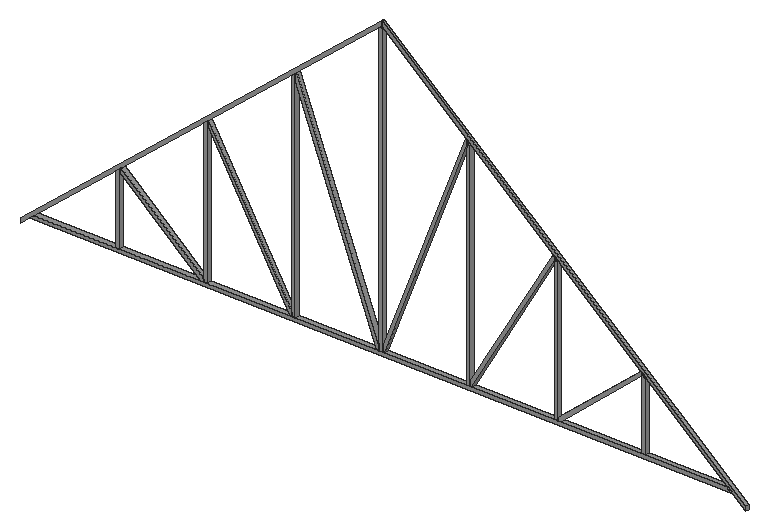
Revit family "TripleHoweTruss", category Structural Framing, Revit 2022
Family settings
  Section Shape = Not Defined
  Material for Model Behavior = Wood
  Always export as geometry = No
  OmniClass Number = 23.25.30.21.14
  OmniClass Title = Trussed Beams and Joists
  Work Plane-Based = No
  Always vertical = Yes
  Cut with Voids When Loaded = No
  Symbolic Representation = From Family
  Shared = No
  Show family pre-cut in plan views = Yes
Parameters
  WebWidth [instance] = 120 mm
  WebDepth [instance] = 100 mm
  T_Volume [instance] = 0.00 m³
  TopWidth [instance] = 80 mm
  Structural Material [instance] = Poche
  SpanRight [instance] = 10000 mm
  SpanLeft [instance] = 10000 mm
  Span [instance] = SpanLeft + SpanRight  # 20000 mm
  SlopeRight [instance] = 40.00°
  SlopeLeft [instance] = 40.00°
  OverhangRight [instance] = 300 mm
  OverhangLeft [instance] = 400 mm
  TopDepth [instance] = 100 mm
  BottomWidth [instance] = 150 mm
  BottomDepth [instance] = 100 mm
Reference planes
  plane 1 "Center (Front/Back)": y = 0
  plane 2: z = 0
  plane 3 "Center (Left/Right)": x = 0
  plane 4: x = -10000
  plane 5: x = 10000
  plane 6: x = 10400
  plane 7: x = -10300
  plane 8: z = 100
  plane 9: x = 50
  plane 10: x = -50
  plane 11: x = 2500
  plane 12: x = 7500
  plane 13: x = 5000
  plane 14: x = -2500
  plane 15: x = -7500
  plane 16: x = -5000
  plane 17: x = 2450
  plane 18: x = 2550
  plane 19: x = 4950
  plane 20: x = 5050
  plane 21: x = 7450
  plane 22: x = 7550
  plane 23: x = -2550
  plane 24: x = -2450
  plane 25: x = -5050
  plane 26: x = -4950
  plane 27: x = -7550
  plane 28: x = -7450
Forms (mm)
  Extrusion 1, solid, material "Cherry"
    sketch origin (0, 0, 0) x (1, 0, 0) y (0, 0, 1)
      loop
        line (-7550, 2055.794) -> (-7550, 100) -> (-7450, 100) -> (-7450, 2139.704) -> (-7550, 2055.794)
    from -60 to 60
  Extrusion 2, solid, material "Cherry"
    sketch origin (0, 0, 0) x (1, 0, 0) y (0, 0, 1)
      loop
        line (-4950, 4237.453) -> (-5050, 4153.543) -> (-5050, 100) -> (-4950, 100) -> (-4950, 4237.453)
    from -60 to 60
  Extrusion 3, solid, material "Cherry"
    sketch origin (0, 0, 0) x (1, 0, 0) y (0, 0, 1)
      loop
        line (-2450, 6335.202) -> (-2550, 6251.292) -> (-2550, 100) -> (-2450, 100) -> (-2450, 6335.202)
    from -60 to 60
  Extrusion 4, solid, material "Cherry"
    sketch origin (0, 0, 0) x (1, 0, 0) y (0, 0, 1)
      loop
        line (50, 100) -> (50, 8349.041) -> (0, 8390.996) -> (-50, 8349.041) -> (-50, 100) -> (50, 100)
    from -60 to 60
  Extrusion 5, solid, material "Cherry"
    sketch origin (0, 0, 0) x (1, 0, 0) y (0, 0, 1)
      loop
        line (2550, 6251.292) -> (2450, 6335.202) -> (2450, 100) -> (2550, 100) -> (2550, 6251.292)
    from -60 to 60
  Extrusion 6, solid, material "Cherry"
    sketch origin (0, 0, 0) x (1, 0, 0) y (0, 0, 1)
      loop
        line (5050, 4153.543) -> (4950, 4237.453) -> (4950, 100) -> (5050, 100) -> (5050, 4153.543)
    from -60 to 60
  Extrusion 7, solid, material "Cherry"
    sketch origin (0, 0, 0) x (1, 0, 0) y (0, 0, 1)
      loop
        line (7550, 2055.794) -> (7450, 2139.704) -> (7450, 100) -> (7550, 100) -> (7550, 2055.794)
    from -60 to 60
  Extrusion 8, solid, material "Cherry"
    sketch origin (0, 0, 0) x (1, 0, 0) y (0, 0, 1)
      loop
        line (5127.209, 100) -> (7450, 2074.086) -> (7450, 2139.704) -> (7411.149, 2172.304) -> (5050, 165.618) -> (5050, 100) -> (5127.209, 100)
    from -60 to 60
  Extrusion 9, solid, material "Cherry"
    sketch origin (0, 0, 0) x (1, 0, 0) y (0, 0, 1)
      loop
        line (-5050, 165.618) -> (-7411.149, 2172.304) -> (-7450, 2139.704) -> (-7450, 2074.086) -> (-5127.209, 100) -> (-5050, 100) -> (-5050, 165.618)
    from -60 to 60
  Extrusion 10, solid, material "Cherry"
    sketch origin (0, 0, 0) x (1, 0, 0) y (0, 0, 1)
      loop
        line (5127.209, 100) -> (7450, 2074.086) -> (7450, 2139.704) -> (7411.149, 2172.304) -> (5050, 165.618) -> (5050, 100) -> (5127.209, 100)
    from -60 to 60
  Extrusion 11, solid, material "Cherry"
    sketch origin (0, 0, 0) x (1, 0, 0) y (0, 0, 1)
      loop
        line (2607.803, 100) -> (4950, 4137.804) -> (4950, 4237.453) -> (4911.121, 4270.077) -> (2550, 199.649) -> (2550, 100) -> (2607.803, 100)
    from -60 to 60
  Extrusion 12, solid, material "Cherry"
    sketch origin (0, 0, 0) x (1, 0, 0) y (0, 0, 1)
      loop
        line (103.576, 100) -> (2450, 6196.012) -> (2450, 6335.202) -> (2409.503, 6369.183) -> (50, 239.191) -> (50, 100) -> (103.576, 100)
    from -60 to 60
  Extrusion 13, solid, material "Cherry"
    sketch origin (0, 0, 0) x (1, 0, 0) y (0, 0, 1)
      loop
        line (-50, 239.191) -> (-2409.503, 6369.183) -> (-2450, 6335.202) -> (-2450, 6196.012) -> (-103.576, 100) -> (-50, 100) -> (-50, 239.191)
    from -60 to 60
  Extrusion 14, solid, material "Cherry"
    sketch origin (0, 0, 0) x (1, 0, 0) y (0, 0, 1)
      loop
        line (-2550, 199.649) -> (-4911.121, 4270.077) -> (-4950, 4237.453) -> (-4950, 4137.804) -> (-2607.803, 100) -> (-2550, 100) -> (-2550, 199.649)
    from -60 to 60
  Extrusion 15, solid, material "Cherry"
    sketch origin (0, 0, 0) x (1, 0, 0) y (0, 0, 1)
      loop
        line (9880.825, 100) -> (-9880.825, 100) -> (-10000, 0) -> (10000, 0) -> (9880.825, 100)
    from -75 to 75
  Extrusion 16, solid, material "Cherry"
    sketch origin (0, 0, 0) x (1, 0, 0) y (0, 0, 1)
      loop
        line (-10300, -251.73) -> (0, 8390.996) -> (0, 8521.537) -> (-10300, -121.189) -> (-10300, -251.73)
    from -40 to 40
  Extrusion 17, solid, material "Cherry"
    sketch origin (0, 0, 0) x (1, 0, 0) y (0, 0, 1)
      loop
        line (10400, -335.64) -> (10400, -205.099) -> (0, 8521.537) -> (0, 8390.996) -> (10400, -335.64)
    from -40 to 40
Lines and regions (mm)
  reference lines
    curve 1: line (10000, 0, 0) -> (0, 0, 8390.996)
    curve 2: line (-10000, 0, 0) -> (0, 0, 8390.996)
    curve 3: line (10001.738, 0, 129.083) -> (-8.024, 0, 8528.27)
    curve 4: line (-9999.444, 0, 131.007) -> (-84.65, 0, 8450.507)
    curve 5: line (0, 40, 1939.254) -> (0, 40, -520.746)
    curve 6: line (0, -40, 1939.254) -> (0, -40, -520.746)
    curve 7: line (0, -60, 1939.254) -> (0, -60, -520.746)
    curve 8: line (0, -75, 1939.254) -> (0, -75, -520.746)
    curve 9: line (0, 60, 1939.254) -> (0, 60, -520.746)
    curve 10: line (0, 75, 1939.254) -> (0, 75, -520.746)
    curve 11: line (50, 0, 100) -> (2450, 0, 6335.202)
    curve 12: line (2550, 0, 100) -> (4950, 0, 4237.453)
    curve 13: line (5050, 0, 100) -> (7450, 0, 2139.704)
    curve 14: line (-50, 0, 100) -> (-2450, 0, 6335.202)
    curve 15: line (-2550, 0, 100) -> (-4950, 0, 4237.453)
    curve 16: line (-5050, 0, 100) -> (-7450, 0, 2139.704)
    curve 17: line (-5079.289, 0, 190.51) -> (-7379.289, 0, 2145.227)
    curve 18: line (-4952.282, 0, -48.667) -> (-7420.711, 0, 2049.194)
    curve 19: line (-2559.693, 0, 216.359) -> (-4859.693, 0, 4181.418)
    curve 20: line (-2553.553, 0, 6.476) -> (-4940.307, 0, 4121.094)
    curve 21: line (-54.683, 0, 251.358) -> (-2354.683, 0, 6226.76)
    curve 22: line (-63.942, 0, -2.971) -> (-2445.317, 0, 6183.844)
    curve 23: line (54.683, 0, 251.358) -> (2354.683, 0, 6226.76)
    curve 24: line (63.942, 0, -2.971) -> (2445.317, 0, 6183.844)
    curve 25: line (2559.693, 0, 216.359) -> (4859.693, 0, 4181.418)
    curve 26: line (2553.553, 0, 6.476) -> (4940.307, 0, 4121.094)
    curve 27: line (5077.463, 0, 188.958) -> (7377.463, 0, 2143.675)
    curve 28: line (4952.282, 0, -48.667) -> (7420.711, 0, 2049.194)
Dimensions and locks
  "SpanLeft": plane 3 "Center (Left/Right)" to plane 5
  "SpanRight": plane 3 "Center (Left/Right)" to plane 4
  "OverhangLeft": plane 5 to plane 6
  "OverhangRight": plane 7 to plane 4
  "BottomDepth": level to plane 8
  equal spacing: plane 10, plane 3 "Center (Left/Right)", plane 9
  "TopDepth": curve 1 to curve 3
  "TopDepth": curve 4 to curve 2
  equal spacing: curve 5, curve 4, curve 6
  "TopWidth": curve 5 to curve 6
  equal spacing: curve 9, curve 4, curve 7
  "WebWidth": curve 9 to curve 7
  equal spacing: curve 10, curve 4, curve 8
  "BottomWidth": curve 10 to curve 8
  plane 5 to plane 3 "Center (Left/Right)" = 10000 mm
  plane 4 to plane 3 "Center (Left/Right)" = 10000 mm
  equal spacing: plane 5, plane 12, plane 13, plane 11, plane 3 "Center (Left/Right)"
  equal spacing: plane 3 "Center (Left/Right)", plane 14, plane 16, plane 15, plane 4
  equal spacing: plane 28, plane 15, plane 27
  equal spacing: plane 26, plane 16, plane 25
  equal spacing: plane 24, plane 14, plane 23
  equal spacing: plane 9, plane 3 "Center (Left/Right)", plane 10
  equal spacing: plane 18, plane 11, plane 17
  equal spacing: plane 20, plane 13, plane 19
  equal spacing: plane 22, plane 12, plane 21
  "WebDepth": plane 28 to plane 27
  "WebDepth": plane 26 to plane 25
  "WebDepth": plane 24 to plane 23
  "WebDepth": plane 9 to plane 10
  "WebDepth": plane 18 to plane 17
  "WebDepth": plane 20 to plane 19
  "WebDepth": plane 22 to plane 21
  equal spacing: curve 17, curve 16, curve 18
  equal spacing: curve 19, curve 15, curve 20
  equal spacing: curve 21, curve 14, curve 22
  equal spacing: curve 24, curve 11, curve 23
  equal spacing: curve 26, curve 12, curve 25
  equal spacing: curve 28, curve 13, curve 27
  "WebDepth": curve 17 to curve 18
  "WebDepth": curve 19 to curve 20
  "WebDepth": curve 21 to curve 22
  "WebDepth": curve 24 to curve 23
  "WebDepth": curve 26 to curve 25
  "WebDepth": curve 28 to curve 27
  "SlopeLeft": angle level to curve 1
  "SlopeRight": angle curve 2 to level
  aligned and locked: plane 2 to level
  aligned and locked: plane 3 "Center (Left/Right)" to curve 1
  aligned and locked: plane 5 to curve 1
  aligned and locked: curve 1 to level
  aligned and locked: level to curve 2
  aligned and locked: curve 2 to Extrusion 1 sketch curve
  aligned and locked: plane 28 to Extrusion 1 sketch curve
  aligned and locked: Extrusion 1 sketch curve to plane 27
  aligned and locked: Extrusion 1 sketch curve to plane 8
  aligned and locked: plane 26 to Extrusion 2 sketch curve
  aligned and locked: Extrusion 2 sketch curve to plane 25
  aligned and locked: curve 2 to Extrusion 2 sketch curve
  aligned and locked: Extrusion 2 sketch curve to plane 8
  aligned and locked: Extrusion 3 sketch curve to plane 24
  aligned and locked: Extrusion 3 sketch curve to plane 23
  aligned and locked: curve 2 to Extrusion 3 sketch curve
  aligned and locked: Extrusion 3 sketch curve to plane 8
  aligned and locked: Extrusion 4 sketch curve to plane 9
  aligned and locked: plane 10 to Extrusion 4 sketch curve
  aligned and locked: curve 1 to Extrusion 4 sketch curve
  aligned and locked: curve 2 to Extrusion 4 sketch curve
  aligned and locked: Extrusion 4 sketch curve to plane 8
  aligned and locked: Extrusion 5 sketch curve to plane 18
  aligned and locked: Extrusion 5 sketch curve to plane 17
  aligned and locked: curve 1 to Extrusion 5 sketch curve
  aligned and locked: Extrusion 5 sketch curve to plane 8
  aligned and locked: plane 20 to Extrusion 6 sketch curve
  aligned and locked: Extrusion 6 sketch curve to plane 19
  aligned and locked: curve 1 to Extrusion 6 sketch curve
  aligned and locked: plane 22 to Extrusion 7 sketch curve
  aligned and locked: Extrusion 7 sketch curve to plane 21
  aligned and locked: plane 8 to Extrusion 7 sketch curve
  aligned and locked: curve 1 to Extrusion 7 sketch curve
  aligned and locked: curve 28 to Extrusion 8 sketch curve
  aligned and locked: Extrusion 8 sketch curve to curve 27
  aligned and locked: Extrusion 8 sketch curve to Extrusion 7
  aligned and locked: curve 1 to Extrusion 8 sketch curve
  aligned and locked: Extrusion 8 sketch curve to Extrusion 6
  aligned and locked: Extrusion 8 sketch curve to plane 8
  aligned and locked: Extrusion 9 sketch curve to curve 17
  aligned and locked: curve 18 to Extrusion 9 sketch curve
  aligned and locked: curve 2 to Extrusion 9 sketch curve
  aligned and locked: Extrusion 1 to Extrusion 9 sketch curve
  aligned and locked: Extrusion 2 to Extrusion 9 sketch curve
  aligned and locked: Extrusion 9 sketch curve to plane 8
  aligned and locked: Extrusion 10 sketch curve to Extrusion 8  (x2)
  aligned and locked: curve 1 to Extrusion 10 sketch curve
  aligned and locked: Extrusion 10 sketch curve to plane 8
  aligned and locked: Extrusion 10 sketch curve to Extrusion 6
  aligned and locked: Extrusion 10 sketch curve to Extrusion 7
  aligned and locked: curve 26 to Extrusion 11 sketch curve
  aligned and locked: Extrusion 11 sketch curve to Extrusion 6
  aligned and locked: Extrusion 11 sketch curve to curve 25
  aligned and locked: Extrusion 11 sketch curve to plane 8
  aligned and locked: Extrusion 11 sketch curve to Extrusion 5
  aligned and locked: curve 1 to Extrusion 11 sketch curve
  aligned and locked: curve 24 to Extrusion 12 sketch curve
  aligned and locked: Extrusion 12 sketch curve to curve 23
  aligned and locked: Extrusion 12 sketch curve to Extrusion 5
  aligned and locked: curve 1 to Extrusion 12 sketch curve
  aligned and locked: Extrusion 12 sketch curve to Extrusion 4
  aligned and locked: Extrusion 12 sketch curve to plane 8
  aligned and locked: Extrusion 13 sketch curve to curve 21
  aligned and locked: curve 22 to Extrusion 13 sketch curve
  aligned and locked: curve 2 to Extrusion 13 sketch curve
  aligned and locked: Extrusion 4 to Extrusion 13 sketch curve
  aligned and locked: Extrusion 13 sketch curve to plane 8
  aligned and locked: Extrusion 3 to Extrusion 13 sketch curve
  aligned and locked: Extrusion 14 sketch curve to curve 19
  aligned and locked: curve 20 to Extrusion 14 sketch curve
  aligned and locked: curve 2 to Extrusion 14 sketch curve
  aligned and locked: Extrusion 2 to Extrusion 14 sketch curve
  aligned and locked: Extrusion 14 sketch curve to plane 8
  aligned and locked: Extrusion 3 to Extrusion 14 sketch curve
  aligned and locked: Extrusion 3 to curve 9
  aligned and locked: Extrusion 3 to curve 7
  aligned and locked: Extrusion 2 to curve 9
  aligned and locked: Extrusion 2 to curve 7
  aligned and locked: Extrusion 1 to curve 9
  aligned and locked: Extrusion 1 to curve 7
  aligned and locked: Extrusion 9 to curve 9
  aligned and locked: Extrusion 9 to curve 7
  aligned and locked: Extrusion 14 to curve 9
  aligned and locked: Extrusion 14 to curve 7
  aligned and locked: Extrusion 10 to curve 9
  aligned and locked: Extrusion 10 to curve 7
  aligned and locked: Extrusion 13 to curve 9
  aligned and locked: Extrusion 13 to curve 7
  aligned and locked: Extrusion 8 to curve 9
  aligned and locked: Extrusion 8 to curve 7
  aligned and locked: Extrusion 4 to curve 9
  aligned and locked: Extrusion 4 to curve 7
  aligned and locked: Extrusion 12 to curve 9
  aligned and locked: Extrusion 12 to curve 7
  aligned and locked: Extrusion 5 to curve 9
  aligned and locked: Extrusion 5 to curve 7
  aligned and locked: Extrusion 11 to curve 9
  aligned and locked: Extrusion 11 to curve 7
  aligned and locked: Extrusion 7 to curve 9
  aligned and locked: Extrusion 7 to curve 7
  aligned and locked: Extrusion 6 to curve 9
  aligned and locked: Extrusion 6 to curve 7
  aligned and locked: Extrusion 15 sketch curve to plane 8
  aligned and locked: Extrusion 15 sketch curve to level
  aligned and locked: Extrusion 15 sketch curve to curve 2
  aligned and locked: Extrusion 15 sketch curve to curve 1
  aligned and locked: curve 10 to Extrusion 15
  aligned and locked: Extrusion 15 to curve 8
  aligned and locked: Extrusion 16 sketch curve to curve 2
  aligned and locked: Extrusion 16 sketch curve to curve 4
  aligned and locked: Extrusion 16 sketch curve to plane 7
  aligned and locked: Extrusion 16 sketch curve to curve 10
  aligned and locked: Extrusion 17 sketch curve to curve 1
  aligned and locked: Extrusion 17 sketch curve to curve 3
  aligned and locked: plane 6 to Extrusion 17 sketch curve
  aligned and locked: Extrusion 17 sketch curve to curve 10
  aligned and locked: Extrusion 16 to curve 5
  aligned and locked: Extrusion 16 to curve 6
  aligned and locked: Extrusion 17 to Extrusion 16  (x2)
Automatic sketch dimensions
  Extrusion 6 sketch curve to plane 8 = 0 mm
  curve 16 to plane 28 = 0 mm
  curve 16 to plane 8 = 0 mm
  curve 16 to plane 25 = 0 mm
  curve 15 to plane 26 = 0 mm
  curve 15 to plane 8 = 0 mm
  curve 15 to plane 23 = 0 mm
  curve 14 to plane 24 = 0 mm
  curve 14 to plane 8 = 0 mm
  curve 14 to plane 10 = 0 mm
  curve 11 to plane 8 = 0 mm
  plane 9 to curve 11 = 0 mm
  curve 11 to plane 17 = 0 mm
  curve 12 to plane 8 = 0 mm
  plane 18 to curve 12 = 0 mm
  curve 12 to plane 19 = 0 mm
  curve 13 to plane 8 = 0 mm
  plane 20 to curve 13 = 0 mm
  curve 13 to plane 21 = 0 mm
  curve 4 to plane 4 = 0.556 mm
  curve 18 to plane 28 = 29.289 mm
  curve 17 to plane 28 = 70.711 mm
  curve 17 to plane 25 = 29.289 mm
  plane 26 to curve 18 = 2.282 mm
  curve 20 to plane 26 = 9.693 mm
  curve 19 to plane 26 = 90.307 mm
  curve 19 to plane 23 = 9.693 mm
  curve 20 to plane 23 = 3.553 mm
  curve 22 to plane 24 = 4.683 mm
  curve 21 to plane 24 = 95.317 mm
  curve 22 to level = 2.971 mm
  curve 4 to plane 10 = 34.65 mm
  curve 21 to plane 10 = 4.683 mm
  curve 3 to plane 3 "Center (Left/Right)" = 8.024 mm
  curve 23 to plane 9 = 4.683 mm
  curve 24 to level = 2.971 mm
  curve 23 to plane 17 = 95.317 mm
  curve 24 to plane 17 = 4.683 mm
  curve 26 to plane 18 = 3.553 mm
  curve 25 to plane 18 = 9.693 mm
  curve 25 to plane 19 = 90.307 mm
  curve 26 to plane 19 = 9.693 mm
  plane 19 to curve 28 = 2.282 mm
  curve 27 to plane 20 = 27.463 mm
  curve 27 to plane 21 = 72.537 mm
  curve 28 to plane 21 = 29.289 mm
  curve 3 to plane 5 = 1.738 mm
  curve 10 to level = 520.746 mm
  curve 5 to curve 10 = 0 mm
  curve 8 to curve 5 = 0 mm
  curve 8 to curve 6 = 0 mm  (x2)
  curve 8 to curve 7 = 0 mm  (x2)
  curve 9 to curve 10 = 0 mm  (x2)
  plane 8 to curve 6 = 1839.254 mm
  curve 6 to curve 9 = 0 mm
  curve 5 to curve 9 = 0 mm
